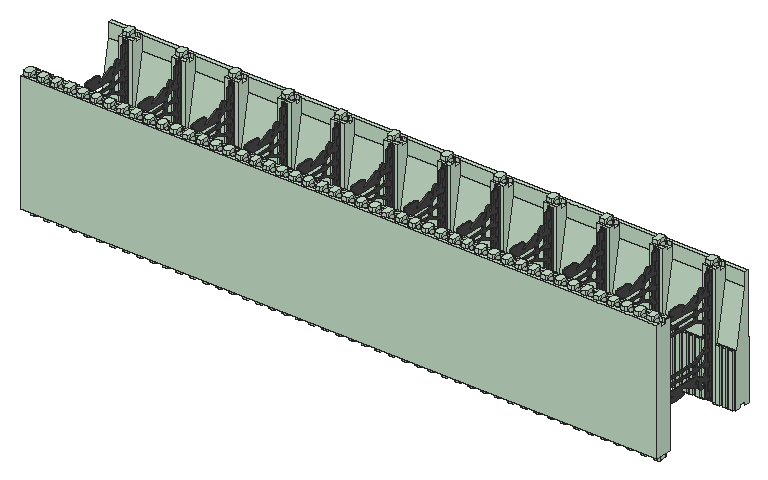
Revit family
Reference planes
  plane 1 "Center (Front/Back)": y = 0
  plane 2: z = 0
  plane 3 "Center (Left/Right)": x = 0
Forms (mm)
  Extrusion 1, solid, material "NUDURA Expanded Polystyrene Foam Insulation"
    sketch origin (0, -152.385, 0) x (1, 0, 0) y (0, 1, 0)
      loop
        line (7.142, -82.55) -> (0, -82.55) -> (0, -142.875) -> (2438.4, -142.875) -> (2438.4, -82.55) -> (2431.258, -82.55) -> (2432.842, -76.2) -> (2418.558, -76.2) -> (2420.142, -82.55) -> (2405.858, -82.55) -> (2407.442, -76.2) -> (2393.158, -76.2) -> (2394.742, -82.55) -> (2380.458, -82.55) -> (2382.042, -76.2) -> (2367.758, -76.2) -> (2369.342, -82.55) -> (2304.258, -82.55) -> (2305.842, -76.2) -> (2291.558, -76.2) -> (2293.142, -82.55) -> (2278.858, -82.55) -> (2280.442, -76.2) -> (2266.158, -76.2) -> (2267.742, -82.55) -> (2253.458, -82.55) -> (2255.042, -76.2) -> (2240.758, -76.2) -> (2242.342, -82.55) -> (2228.058, -82.55) -> (2229.642, -76.2) -> (2215.358, -76.2) -> (2216.942, -82.55) -> (2202.658, -82.55) -> (2204.242, -76.2) -> (2189.958, -76.2) -> (2191.542, -82.55) -> (2177.258, -82.55) -> (2178.842, -76.2) -> (2164.558, -76.2) -> (2166.142, -82.55) -> (2101.058, -82.55) -> (2102.642, -76.2) -> (2088.358, -76.2) -> (2089.942, -82.55) -> (2075.658, -82.55) -> (2077.242, -76.2) -> (2062.958, -76.2) -> (2064.542, -82.55) -> (2050.258, -82.55) -> (2051.842, -76.2) -> (2037.558, -76.2) -> (2039.142, -82.55) -> (2024.858, -82.55) -> (2026.442, -76.2) -> (2012.158, -76.2) -> (2013.742, -82.55) -> (1999.458, -82.55) -> (2001.042, -76.2) -> (1986.758, -76.2) -> (1988.342, -82.55) -> (1974.058, -82.55) -> (1975.642, -76.2) -> (1961.358, -76.2) -> (1962.942, -82.55) -> (1897.858, -82.55) -> (1899.442, -76.2) -> (1885.158, -76.2) -> (1886.742, -82.55) -> (1872.458, -82.55) -> (1874.042, -76.2) -> (1859.758, -76.2) -> (1861.342, -82.55) -> (1847.058, -82.55) -> (1848.642, -76.2) -> (1834.358, -76.2) -> (1835.942, -82.55) -> (1821.658, -82.55) -> (1823.242, -76.2) -> (1808.958, -76.2) -> (1810.542, -82.55) -> (1796.258, -82.55) -> (1797.842, -76.2) -> (1783.558, -76.2) -> (1785.142, -82.55) -> (1770.858, -82.55) -> (1772.442, -76.2) -> (1758.158, -76.2) -> (1759.742, -82.55) -> (1694.658, -82.55) -> (1696.242, -76.2) -> (1681.958, -76.2) -> (1683.542, -82.55) -> (1669.258, -82.55) -> (1670.842, -76.2) -> (1656.558, -76.2) -> (1658.142, -82.55) -> (1643.858, -82.55) -> (1645.442, -76.2) -> (1631.158, -76.2) -> (1632.742, -82.55) -> (1618.458, -82.55) -> (1620.042, -76.2) -> (1605.758, -76.2) -> (1607.342, -82.55) -> (1593.058, -82.55) -> (1594.642, -76.2) -> (1580.358, -76.2) -> (1581.942, -82.55) -> (1567.658, -82.55) -> (1569.242, -76.2) -> (1554.958, -76.2) -> (1556.542, -82.55) -> (1491.458, -82.55) -> (1493.042, -76.2) -> (1478.758, -76.2) -> (1480.342, -82.55) -> (1466.058, -82.55) -> (1467.642, -76.2) -> (1453.358, -76.2) -> (1454.942, -82.55) -> (1440.658, -82.55) -> (1442.242, -76.2) -> (1427.958, -76.2) -> (1429.542, -82.55) -> (1415.258, -82.55) -> (1416.842, -76.2) -> (1402.558, -76.2) -> (1404.142, -82.55) -> (1389.858, -82.55) -> (1391.442, -76.2) -> (1377.158, -76.2) -> (1378.742, -82.55) -> (1364.458, -82.55) -> (1366.042, -76.2) -> (1351.758, -76.2) -> (1353.342, -82.55) -> (1288.258, -82.55) -> (1289.842, -76.2) -> (1275.558, -76.2) -> (1277.142, -82.55) -> (1262.858, -82.55) -> (1264.442, -76.2) -> (1250.158, -76.2) -> (1251.742, -82.55) -> (1237.458, -82.55) -> (1239.042, -76.2) -> (1224.758, -76.2) -> (1226.342, -82.55) -> (1212.058, -82.55) -> (1213.642, -76.2) -> (1199.358, -76.2) -> (1200.942, -82.55) -> (1186.658, -82.55) -> (1188.242, -76.2) -> (1173.958, -76.2) -> (1175.542, -82.55) -> (1161.258, -82.55) -> (1162.842, -76.2) -> (1148.558, -76.2) -> (1150.142, -82.55) -> (1085.058, -82.55) -> (1086.642, -76.2) -> (1072.358, -76.2) -> (1073.942, -82.55) -> (1059.658, -82.55) -> (1061.242, -76.2) -> (1046.958, -76.2) -> (1048.542, -82.55) -> (1034.258, -82.55) -> (1035.842, -76.2) -> (1021.558, -76.2) -> (1023.142, -82.55) -> (1008.858, -82.55) -> (1010.442, -76.2) -> (996.158, -76.2) -> (997.742, -82.55) -> (983.458, -82.55) -> (985.042, -76.2) -> (970.758, -76.2) -> (972.342, -82.55) -> (958.058, -82.55) -> (959.642, -76.2) -> (945.358, -76.2) -> (946.942, -82.55) -> (881.858, -82.55) -> (883.442, -76.2) -> (869.158, -76.2) -> (870.742, -82.55) -> (856.458, -82.55) -> (858.042, -76.2) -> (843.758, -76.2) -> (845.342, -82.55) -> (831.058, -82.55) -> (832.642, -76.2) -> (818.358, -76.2) -> (819.942, -82.55) -> (805.658, -82.55) -> (807.242, -76.2) -> (792.958, -76.2) -> (794.542, -82.55) -> (780.258, -82.55) -> (781.842, -76.2) -> (767.558, -76.2) -> (769.142, -82.55) -> (754.858, -82.55) -> (756.442, -76.2) -> (742.158, -76.2) -> (743.742, -82.55) -> (678.658, -82.55) -> (680.242, -76.2) -> (665.958, -76.2) -> (667.542, -82.55) -> (653.258, -82.55) -> (654.842, -76.2) -> (640.558, -76.2) -> (642.142, -82.55) -> (627.858, -82.55) -> (629.442, -76.2) -> (615.158, -76.2) -> (616.742, -82.55) -> (602.458, -82.55) -> (604.042, -76.2) -> (589.758, -76.2) -> (591.342, -82.55) -> (577.058, -82.55) -> (578.642, -76.2) -> (564.358, -76.2) -> (565.942, -82.55) -> (551.658, -82.55) -> (553.242, -76.2) -> (538.958, -76.2) -> (540.542, -82.55) -> (475.458, -82.55) -> (477.042, -76.2) -> (462.758, -76.2) -> (464.342, -82.55) -> (450.058, -82.55) -> (451.642, -76.2) -> (437.358, -76.2) -> (438.942, -82.55) -> (424.658, -82.55) -> (426.242, -76.2) -> (411.958, -76.2) -> (413.542, -82.55) -> (399.258, -82.55) -> (400.842, -76.2) -> (386.558, -76.2) -> (388.142, -82.55) -> (373.858, -82.55) -> (375.442, -76.2) -> (361.158, -76.2) -> (362.742, -82.55) -> (348.458, -82.55) -> (350.042, -76.2) -> (335.758, -76.2) -> (337.342, -82.55) -> (272.258, -82.55) -> (273.842, -76.2) -> (259.558, -76.2) -> (261.142, -82.55) -> (246.858, -82.55) -> (248.442, -76.2) -> (234.158, -76.2) -> (235.742, -82.55) -> (221.458, -82.55) -> (223.042, -76.2) -> (208.758, -76.2) -> (210.342, -82.55) -> (196.058, -82.55) -> (197.642, -76.2) -> (183.358, -76.2) -> (184.942, -82.55) -> (170.658, -82.55) -> (172.242, -76.2) -> (157.958, -76.2) -> (159.542, -82.55) -> (145.258, -82.55) -> (146.842, -76.2) -> (132.558, -76.2) -> (134.142, -82.55) -> (69.058, -82.55) -> (70.642, -76.2) -> (56.358, -76.2) -> (57.942, -82.55) -> (43.658, -82.55) -> (45.242, -76.2) -> (30.958, -76.2) -> (32.542, -82.55) -> (18.258, -82.55) -> (19.842, -76.2) -> (5.558, -76.2) -> (7.142, -82.55)
    from 0 to 457.2
  Extrusion 2, void
    sketch origin (0, -152.385, 0) x (1, 0, 0) y (0, 1, 0)
      loop
        arc (25.4, -124.411) -> (26.615, -128.147) -> (29.796, -130.453) r 6.35
        arc (29.796, -130.453) -> (38.1, -131.763) -> (46.404, -130.453) r 26.987
        arc (46.404, -130.453) -> (49.585, -128.147) -> (50.8, -124.411) r 6.35
        line (50.8, -124.411) -> (50.8, -101.014)
        arc (50.8, -101.014) -> (50.362, -98.696) -> (49.108, -96.698) r 6.35
        arc (49.108, -96.698) -> (48.795, -96.199) -> (48.685, -95.62) r 1.588
        line (48.685, -95.62) -> (48.685, -86.829) -> (44.346, -86.829) -> (44.346, -92.457)
        arc (44.346, -92.457) -> (43.786, -93.668) -> (42.5, -94.024) r 1.587
        arc (42.5, -94.024) -> (36.091, -93.737) -> (29.796, -94.972) r 26.988
        arc (29.796, -94.972) -> (26.615, -97.278) -> (25.4, -101.014) r 6.35
        line (25.4, -101.014) -> (25.4, -124.411)
    from 457.2 to 444.5
  Extrusion 3, void
    sketch origin (50.8, -152.385, 0) x (1, 0, 0) y (0, 1, 0)
      loop
        arc (25.4, -124.411) -> (26.615, -128.147) -> (29.796, -130.453) r 6.35
        arc (29.796, -130.453) -> (38.1, -131.763) -> (46.404, -130.453) r 26.987
        arc (46.404, -130.453) -> (49.585, -128.147) -> (50.8, -124.411) r 6.35
        line (50.8, -124.411) -> (50.8, -101.014)
        arc (50.8, -101.014) -> (50.362, -98.696) -> (49.108, -96.698) r 6.35
        arc (49.108, -96.698) -> (48.795, -96.199) -> (48.685, -95.62) r 1.588
        line (48.685, -95.62) -> (48.685, -86.829) -> (44.346, -86.829) -> (44.346, -92.457)
        arc (44.346, -92.457) -> (43.786, -93.668) -> (42.5, -94.024) r 1.587
        arc (42.5, -94.024) -> (36.091, -93.737) -> (29.796, -94.972) r 26.988
        arc (29.796, -94.972) -> (26.615, -97.278) -> (25.4, -101.014) r 6.35
        line (25.4, -101.014) -> (25.4, -124.411)
    from 457.2 to 444.5
  Extrusion 4, void
    sketch origin (101.6, -152.385, 0) x (1, 0, 0) y (0, 1, 0)
      loop
        arc (25.4, -124.411) -> (26.615, -128.147) -> (29.796, -130.453) r 6.35
        arc (29.796, -130.453) -> (38.1, -131.763) -> (46.404, -130.453) r 26.987
        arc (46.404, -130.453) -> (49.585, -128.147) -> (50.8, -124.411) r 6.35
        line (50.8, -124.411) -> (50.8, -101.014)
        arc (50.8, -101.014) -> (50.362, -98.696) -> (49.108, -96.698) r 6.35
        arc (49.108, -96.698) -> (48.795, -96.199) -> (48.685, -95.62) r 1.588
        line (48.685, -95.62) -> (48.685, -86.829) -> (44.346, -86.829) -> (44.346, -92.457)
        arc (44.346, -92.457) -> (43.786, -93.668) -> (42.5, -94.024) r 1.587
        arc (42.5, -94.024) -> (36.091, -93.737) -> (29.796, -94.972) r 26.988
        arc (29.796, -94.972) -> (26.615, -97.278) -> (25.4, -101.014) r 6.35
        line (25.4, -101.014) -> (25.4, -124.411)
    from 457.2 to 444.5
  Extrusion 5, void
    sketch origin (152.4, -152.385, 0) x (1, 0, 0) y (0, 1, 0)
      loop
        arc (25.4, -124.411) -> (26.615, -128.147) -> (29.796, -130.453) r 6.35
        arc (29.796, -130.453) -> (38.1, -131.763) -> (46.404, -130.453) r 26.987
        arc (46.404, -130.453) -> (49.585, -128.147) -> (50.8, -124.411) r 6.35
        line (50.8, -124.411) -> (50.8, -101.014)
        arc (50.8, -101.014) -> (50.362, -98.696) -> (49.108, -96.698) r 6.35
        arc (49.108, -96.698) -> (48.795, -96.199) -> (48.685, -95.62) r 1.588
        line (48.685, -95.62) -> (48.685, -86.829) -> (44.346, -86.829) -> (44.346, -92.457)
        arc (44.346, -92.457) -> (43.786, -93.668) -> (42.5, -94.024) r 1.587
        arc (42.5, -94.024) -> (36.091, -93.737) -> (29.796, -94.972) r 26.988
        arc (29.796, -94.972) -> (26.615, -97.278) -> (25.4, -101.014) r 6.35
        line (25.4, -101.014) -> (25.4, -124.411)
    from 457.2 to 444.5
  Extrusion 6, void
    sketch origin (203.2, -152.385, 0) x (1, 0, 0) y (0, 1, 0)
      loop
        arc (25.4, -124.411) -> (26.615, -128.147) -> (29.796, -130.453) r 6.35
        arc (29.796, -130.453) -> (38.1, -131.763) -> (46.404, -130.453) r 26.987
        arc (46.404, -130.453) -> (49.585, -128.147) -> (50.8, -124.411) r 6.35
        line (50.8, -124.411) -> (50.8, -101.014)
        arc (50.8, -101.014) -> (50.362, -98.696) -> (49.108, -96.698) r 6.35
        arc (49.108, -96.698) -> (48.795, -96.199) -> (48.685, -95.62) r 1.588
        line (48.685, -95.62) -> (48.685, -86.829) -> (44.346, -86.829) -> (44.346, -92.457)
        arc (44.346, -92.457) -> (43.786, -93.668) -> (42.5, -94.024) r 1.587
        arc (42.5, -94.024) -> (36.091, -93.737) -> (29.796, -94.972) r 26.988
        arc (29.796, -94.972) -> (26.615, -97.278) -> (25.4, -101.014) r 6.35
        line (25.4, -101.014) -> (25.4, -124.411)
    from 457.2 to 444.5
  Extrusion 7, void
    sketch origin (254, -152.385, 0) x (1, 0, 0) y (0, 1, 0)
      loop
        arc (25.4, -124.411) -> (26.615, -128.147) -> (29.796, -130.453) r 6.35
        arc (29.796, -130.453) -> (38.1, -131.763) -> (46.404, -130.453) r 26.987
        arc (46.404, -130.453) -> (49.585, -128.147) -> (50.8, -124.411) r 6.35
        line (50.8, -124.411) -> (50.8, -101.014)
        arc (50.8, -101.014) -> (50.362, -98.696) -> (49.108, -96.698) r 6.35
        arc (49.108, -96.698) -> (48.795, -96.199) -> (48.685, -95.62) r 1.588
        line (48.685, -95.62) -> (48.685, -86.829) -> (44.346, -86.829) -> (44.346, -92.457)
        arc (44.346, -92.457) -> (43.786, -93.668) -> (42.5, -94.024) r 1.587
        arc (42.5, -94.024) -> (36.091, -93.737) -> (29.796, -94.972) r 26.988
        arc (29.796, -94.972) -> (26.615, -97.278) -> (25.4, -101.014) r 6.35
        line (25.4, -101.014) -> (25.4, -124.411)
    from 457.2 to 444.5
  Extrusion 8, void
    sketch origin (304.8, -152.385, 0) x (1, 0, 0) y (0, 1, 0)
      loop
        arc (25.4, -124.411) -> (26.615, -128.147) -> (29.796, -130.453) r 6.35
        arc (29.796, -130.453) -> (38.1, -131.763) -> (46.404, -130.453) r 26.987
        arc (46.404, -130.453) -> (49.585, -128.147) -> (50.8, -124.411) r 6.35
        line (50.8, -124.411) -> (50.8, -101.014)
        arc (50.8, -101.014) -> (50.362, -98.696) -> (49.108, -96.698) r 6.35
        arc (49.108, -96.698) -> (48.795, -96.199) -> (48.685, -95.62) r 1.588
        line (48.685, -95.62) -> (48.685, -86.829) -> (44.346, -86.829) -> (44.346, -92.457)
        arc (44.346, -92.457) -> (43.786, -93.668) -> (42.5, -94.024) r 1.587
        arc (42.5, -94.024) -> (36.091, -93.737) -> (29.796, -94.972) r 26.988
        arc (29.796, -94.972) -> (26.615, -97.278) -> (25.4, -101.014) r 6.35
        line (25.4, -101.014) -> (25.4, -124.411)
    from 457.2 to 444.5
  Extrusion 9, void
    sketch origin (355.6, -152.385, 0) x (1, 0, 0) y (0, 1, 0)
      loop
        arc (25.4, -124.411) -> (26.615, -128.147) -> (29.796, -130.453) r 6.35
        arc (29.796, -130.453) -> (38.1, -131.763) -> (46.404, -130.453) r 26.987
        arc (46.404, -130.453) -> (49.585, -128.147) -> (50.8, -124.411) r 6.35
        line (50.8, -124.411) -> (50.8, -101.014)
        arc (50.8, -101.014) -> (50.362, -98.696) -> (49.108, -96.698) r 6.35
        arc (49.108, -96.698) -> (48.795, -96.199) -> (48.685, -95.62) r 1.588
        line (48.685, -95.62) -> (48.685, -86.829) -> (44.346, -86.829) -> (44.346, -92.457)
        arc (44.346, -92.457) -> (43.786, -93.668) -> (42.5, -94.024) r 1.587
        arc (42.5, -94.024) -> (36.091, -93.737) -> (29.796, -94.972) r 26.988
        arc (29.796, -94.972) -> (26.615, -97.278) -> (25.4, -101.014) r 6.35
        line (25.4, -101.014) -> (25.4, -124.411)
    from 457.2 to 444.5
  Extrusion 10, void
    sketch origin (406.4, -152.385, 0) x (1, 0, 0) y (0, 1, 0)
      loop
        arc (25.4, -124.411) -> (26.615, -128.147) -> (29.796, -130.453) r 6.35
        arc (29.796, -130.453) -> (38.1, -131.763) -> (46.404, -130.453) r 26.987
        arc (46.404, -130.453) -> (49.585, -128.147) -> (50.8, -124.411) r 6.35
        line (50.8, -124.411) -> (50.8, -101.014)
        arc (50.8, -101.014) -> (50.362, -98.696) -> (49.108, -96.698) r 6.35
        arc (49.108, -96.698) -> (48.795, -96.199) -> (48.685, -95.62) r 1.588
        line (48.685, -95.62) -> (48.685, -86.829) -> (44.346, -86.829) -> (44.346, -92.457)
        arc (44.346, -92.457) -> (43.786, -93.668) -> (42.5, -94.024) r 1.587
        arc (42.5, -94.024) -> (36.091, -93.737) -> (29.796, -94.972) r 26.988
        arc (29.796, -94.972) -> (26.615, -97.278) -> (25.4, -101.014) r 6.35
        line (25.4, -101.014) -> (25.4, -124.411)
    from 457.2 to 444.5
  Extrusion 11, void
    sketch origin (457.2, -152.385, 0) x (1, 0, 0) y (0, 1, 0)
      loop
        arc (25.4, -124.411) -> (26.615, -128.147) -> (29.796, -130.453) r 6.35
        arc (29.796, -130.453) -> (38.1, -131.763) -> (46.404, -130.453) r 26.987
        arc (46.404, -130.453) -> (49.585, -128.147) -> (50.8, -124.411) r 6.35
        line (50.8, -124.411) -> (50.8, -101.014)
        arc (50.8, -101.014) -> (50.362, -98.696) -> (49.108, -96.698) r 6.35
        arc (49.108, -96.698) -> (48.795, -96.199) -> (48.685, -95.62) r 1.588
        line (48.685, -95.62) -> (48.685, -86.829) -> (44.346, -86.829) -> (44.346, -92.457)
        arc (44.346, -92.457) -> (43.786, -93.668) -> (42.5, -94.024) r 1.587
        arc (42.5, -94.024) -> (36.091, -93.737) -> (29.796, -94.972) r 26.988
        arc (29.796, -94.972) -> (26.615, -97.278) -> (25.4, -101.014) r 6.35
        line (25.4, -101.014) -> (25.4, -124.411)
    from 457.2 to 444.5
  Extrusion 12, void
    sketch origin (508, -152.385, 0) x (1, 0, 0) y (0, 1, 0)
      loop
        arc (25.4, -124.411) -> (26.615, -128.147) -> (29.796, -130.453) r 6.35
        arc (29.796, -130.453) -> (38.1, -131.763) -> (46.404, -130.453) r 26.987
        arc (46.404, -130.453) -> (49.585, -128.147) -> (50.8, -124.411) r 6.35
        line (50.8, -124.411) -> (50.8, -101.014)
        arc (50.8, -101.014) -> (50.362, -98.696) -> (49.108, -96.698) r 6.35
        arc (49.108, -96.698) -> (48.795, -96.199) -> (48.685, -95.62) r 1.588
        line (48.685, -95.62) -> (48.685, -86.829) -> (44.346, -86.829) -> (44.346, -92.457)
        arc (44.346, -92.457) -> (43.786, -93.668) -> (42.5, -94.024) r 1.587
        arc (42.5, -94.024) -> (36.091, -93.737) -> (29.796, -94.972) r 26.988
        arc (29.796, -94.972) -> (26.615, -97.278) -> (25.4, -101.014) r 6.35
        line (25.4, -101.014) -> (25.4, -124.411)
    from 457.2 to 444.5
  Extrusion 13, void
    sketch origin (558.8, -152.385, 0) x (1, 0, 0) y (0, 1, 0)
      loop
        arc (25.4, -124.411) -> (26.615, -128.147) -> (29.796, -130.453) r 6.35
        arc (29.796, -130.453) -> (38.1, -131.763) -> (46.404, -130.453) r 26.987
        arc (46.404, -130.453) -> (49.585, -128.147) -> (50.8, -124.411) r 6.35
        line (50.8, -124.411) -> (50.8, -101.014)
        arc (50.8, -101.014) -> (50.362, -98.696) -> (49.108, -96.698) r 6.35
        arc (49.108, -96.698) -> (48.795, -96.199) -> (48.685, -95.62) r 1.588
        line (48.685, -95.62) -> (48.685, -86.829) -> (44.346, -86.829) -> (44.346, -92.457)
        arc (44.346, -92.457) -> (43.786, -93.668) -> (42.5, -94.024) r 1.587
        arc (42.5, -94.024) -> (36.091, -93.737) -> (29.796, -94.972) r 26.988
        arc (29.796, -94.972) -> (26.615, -97.278) -> (25.4, -101.014) r 6.35
        line (25.4, -101.014) -> (25.4, -124.411)
    from 457.2 to 444.5
  Extrusion 14, void
    sketch origin (609.6, -152.385, 0) x (1, 0, 0) y (0, 1, 0)
      loop
        arc (25.4, -124.411) -> (26.615, -128.147) -> (29.796, -130.453) r 6.35
        arc (29.796, -130.453) -> (38.1, -131.763) -> (46.404, -130.453) r 26.987
        arc (46.404, -130.453) -> (49.585, -128.147) -> (50.8, -124.411) r 6.35
        line (50.8, -124.411) -> (50.8, -101.014)
        arc (50.8, -101.014) -> (50.362, -98.696) -> (49.108, -96.698) r 6.35
        arc (49.108, -96.698) -> (48.795, -96.199) -> (48.685, -95.62) r 1.588
        line (48.685, -95.62) -> (48.685, -86.829) -> (44.346, -86.829) -> (44.346, -92.457)
        arc (44.346, -92.457) -> (43.786, -93.668) -> (42.5, -94.024) r 1.587
        arc (42.5, -94.024) -> (36.091, -93.737) -> (29.796, -94.972) r 26.988
        arc (29.796, -94.972) -> (26.615, -97.278) -> (25.4, -101.014) r 6.35
        line (25.4, -101.014) -> (25.4, -124.411)
    from 457.2 to 444.5
  Extrusion 15, void
    sketch origin (660.4, -152.385, 0) x (1, 0, 0) y (0, 1, 0)
      loop
        arc (25.4, -124.411) -> (26.615, -128.147) -> (29.796, -130.453) r 6.35
        arc (29.796, -130.453) -> (38.1, -131.763) -> (46.404, -130.453) r 26.987
        arc (46.404, -130.453) -> (49.585, -128.147) -> (50.8, -124.411) r 6.35
        line (50.8, -124.411) -> (50.8, -101.014)
        arc (50.8, -101.014) -> (50.362, -98.696) -> (49.108, -96.698) r 6.35
        arc (49.108, -96.698) -> (48.795, -96.199) -> (48.685, -95.62) r 1.588
        line (48.685, -95.62) -> (48.685, -86.829) -> (44.346, -86.829) -> (44.346, -92.457)
        arc (44.346, -92.457) -> (43.786, -93.668) -> (42.5, -94.024) r 1.587
        arc (42.5, -94.024) -> (36.091, -93.737) -> (29.796, -94.972) r 26.988
        arc (29.796, -94.972) -> (26.615, -97.278) -> (25.4, -101.014) r 6.35
        line (25.4, -101.014) -> (25.4, -124.411)
    from 457.2 to 444.5
  Extrusion 16, void
    sketch origin (711.2, -152.385, 0) x (1, 0, 0) y (0, 1, 0)
      loop
        arc (25.4, -124.411) -> (26.615, -128.147) -> (29.796, -130.453) r 6.35
        arc (29.796, -130.453) -> (38.1, -131.763) -> (46.404, -130.453) r 26.987
        arc (46.404, -130.453) -> (49.585, -128.147) -> (50.8, -124.411) r 6.35
        line (50.8, -124.411) -> (50.8, -101.014)
        arc (50.8, -101.014) -> (50.362, -98.696) -> (49.108, -96.698) r 6.35
        arc (49.108, -96.698) -> (48.795, -96.199) -> (48.685, -95.62) r 1.588
        line (48.685, -95.62) -> (48.685, -86.829) -> (44.346, -86.829) -> (44.346, -92.457)
        arc (44.346, -92.457) -> (43.786, -93.668) -> (42.5, -94.024) r 1.587
        arc (42.5, -94.024) -> (36.091, -93.737) -> (29.796, -94.972) r 26.988
        arc (29.796, -94.972) -> (26.615, -97.278) -> (25.4, -101.014) r 6.35
        line (25.4, -101.014) -> (25.4, -124.411)
    from 457.2 to 444.5
  Extrusion 17, void
    sketch origin (762, -152.385, 0) x (1, 0, 0) y (0, 1, 0)
      loop
        arc (25.4, -124.411) -> (26.615, -128.147) -> (29.796, -130.453) r 6.35
        arc (29.796, -130.453) -> (38.1, -131.763) -> (46.404, -130.453) r 26.987
        arc (46.404, -130.453) -> (49.585, -128.147) -> (50.8, -124.411) r 6.35
        line (50.8, -124.411) -> (50.8, -101.014)
        arc (50.8, -101.014) -> (50.362, -98.696) -> (49.108, -96.698) r 6.35
        arc (49.108, -96.698) -> (48.795, -96.199) -> (48.685, -95.62) r 1.588
        line (48.685, -95.62) -> (48.685, -86.829) -> (44.346, -86.829) -> (44.346, -92.457)
        arc (44.346, -92.457) -> (43.786, -93.668) -> (42.5, -94.024) r 1.587
        arc (42.5, -94.024) -> (36.091, -93.737) -> (29.796, -94.972) r 26.988
        arc (29.796, -94.972) -> (26.615, -97.278) -> (25.4, -101.014) r 6.35
        line (25.4, -101.014) -> (25.4, -124.411)
    from 457.2 to 444.5
  Extrusion 18, void
    sketch origin (812.8, -152.385, 0) x (1, 0, 0) y (0, 1, 0)
      loop
        arc (25.4, -124.411) -> (26.615, -128.147) -> (29.796, -130.453) r 6.35
        arc (29.796, -130.453) -> (38.1, -131.763) -> (46.404, -130.453) r 26.987
        arc (46.404, -130.453) -> (49.585, -128.147) -> (50.8, -124.411) r 6.35
        line (50.8, -124.411) -> (50.8, -101.014)
        arc (50.8, -101.014) -> (50.362, -98.696) -> (49.108, -96.698) r 6.35
        arc (49.108, -96.698) -> (48.795, -96.199) -> (48.685, -95.62) r 1.588
        line (48.685, -95.62) -> (48.685, -86.829) -> (44.346, -86.829) -> (44.346, -92.457)
        arc (44.346, -92.457) -> (43.786, -93.668) -> (42.5, -94.024) r 1.587
        arc (42.5, -94.024) -> (36.091, -93.737) -> (29.796, -94.972) r 26.988
        arc (29.796, -94.972) -> (26.615, -97.278) -> (25.4, -101.014) r 6.35
        line (25.4, -101.014) -> (25.4, -124.411)
    from 457.2 to 444.5
  Extrusion 19, void
    sketch origin (863.6, -152.385, 0) x (1, 0, 0) y (0, 1, 0)
      loop
        arc (25.4, -124.411) -> (26.615, -128.147) -> (29.796, -130.453) r 6.35
        arc (29.796, -130.453) -> (38.1, -131.763) -> (46.404, -130.453) r 26.987
        arc (46.404, -130.453) -> (49.585, -128.147) -> (50.8, -124.411) r 6.35
        line (50.8, -124.411) -> (50.8, -101.014)
        arc (50.8, -101.014) -> (50.362, -98.696) -> (49.108, -96.698) r 6.35
        arc (49.108, -96.698) -> (48.795, -96.199) -> (48.685, -95.62) r 1.588
        line (48.685, -95.62) -> (48.685, -86.829) -> (44.346, -86.829) -> (44.346, -92.457)
        arc (44.346, -92.457) -> (43.786, -93.668) -> (42.5, -94.024) r 1.587
        arc (42.5, -94.024) -> (36.091, -93.737) -> (29.796, -94.972) r 26.988
        arc (29.796, -94.972) -> (26.615, -97.278) -> (25.4, -101.014) r 6.35
        line (25.4, -101.014) -> (25.4, -124.411)
    from 457.2 to 444.5
  Extrusion 20, void
    sketch origin (914.4, -152.385, 0) x (1, 0, 0) y (0, 1, 0)
      loop
        arc (25.4, -124.411) -> (26.615, -128.147) -> (29.796, -130.453) r 6.35
        arc (29.796, -130.453) -> (38.1, -131.763) -> (46.404, -130.453) r 26.987
        arc (46.404, -130.453) -> (49.585, -128.147) -> (50.8, -124.411) r 6.35
        line (50.8, -124.411) -> (50.8, -101.014)
        arc (50.8, -101.014) -> (50.362, -98.696) -> (49.108, -96.698) r 6.35
        arc (49.108, -96.698) -> (48.795, -96.199) -> (48.685, -95.62) r 1.588
        line (48.685, -95.62) -> (48.685, -86.829) -> (44.346, -86.829) -> (44.346, -92.457)
        arc (44.346, -92.457) -> (43.786, -93.668) -> (42.5, -94.024) r 1.587
        arc (42.5, -94.024) -> (36.091, -93.737) -> (29.796, -94.972) r 26.988
        arc (29.796, -94.972) -> (26.615, -97.278) -> (25.4, -101.014) r 6.35
        line (25.4, -101.014) -> (25.4, -124.411)
    from 457.2 to 444.5
  Extrusion 21, void
    sketch origin (965.2, -152.385, 0) x (1, 0, 0) y (0, 1, 0)
      loop
        arc (25.4, -124.411) -> (26.615, -128.147) -> (29.796, -130.453) r 6.35
        arc (29.796, -130.453) -> (38.1, -131.763) -> (46.404, -130.453) r 26.987
        arc (46.404, -130.453) -> (49.585, -128.147) -> (50.8, -124.411) r 6.35
        line (50.8, -124.411) -> (50.8, -101.014)
        arc (50.8, -101.014) -> (50.362, -98.696) -> (49.108, -96.698) r 6.35
        arc (49.108, -96.698) -> (48.795, -96.199) -> (48.685, -95.62) r 1.588
        line (48.685, -95.62) -> (48.685, -86.829) -> (44.346, -86.829) -> (44.346, -92.457)
        arc (44.346, -92.457) -> (43.786, -93.668) -> (42.5, -94.024) r 1.587
        arc (42.5, -94.024) -> (36.091, -93.737) -> (29.796, -94.972) r 26.988
        arc (29.796, -94.972) -> (26.615, -97.278) -> (25.4, -101.014) r 6.35
        line (25.4, -101.014) -> (25.4, -124.411)
    from 457.2 to 444.5
  Extrusion 22, void
    sketch origin (1016, -152.385, 0) x (1, 0, 0) y (0, 1, 0)
      loop
        arc (25.4, -124.411) -> (26.615, -128.147) -> (29.796, -130.453) r 6.35
        arc (29.796, -130.453) -> (38.1, -131.763) -> (46.404, -130.453) r 26.987
        arc (46.404, -130.453) -> (49.585, -128.147) -> (50.8, -124.411) r 6.35
        line (50.8, -124.411) -> (50.8, -101.014)
        arc (50.8, -101.014) -> (50.362, -98.696) -> (49.108, -96.698) r 6.35
        arc (49.108, -96.698) -> (48.795, -96.199) -> (48.685, -95.62) r 1.588
        line (48.685, -95.62) -> (48.685, -86.829) -> (44.346, -86.829) -> (44.346, -92.457)
        arc (44.346, -92.457) -> (43.786, -93.668) -> (42.5, -94.024) r 1.587
        arc (42.5, -94.024) -> (36.091, -93.737) -> (29.796, -94.972) r 26.988
        arc (29.796, -94.972) -> (26.615, -97.278) -> (25.4, -101.014) r 6.35
        line (25.4, -101.014) -> (25.4, -124.411)
    from 457.2 to 444.5
  Extrusion 23, void
    sketch origin (1066.8, -152.385, 0) x (1, 0, 0) y (0, 1, 0)
      loop
        arc (25.4, -124.411) -> (26.615, -128.147) -> (29.796, -130.453) r 6.35
        arc (29.796, -130.453) -> (38.1, -131.763) -> (46.404, -130.453) r 26.987
        arc (46.404, -130.453) -> (49.585, -128.147) -> (50.8, -124.411) r 6.35
        line (50.8, -124.411) -> (50.8, -101.014)
        arc (50.8, -101.014) -> (50.362, -98.696) -> (49.108, -96.698) r 6.35
        arc (49.108, -96.698) -> (48.795, -96.199) -> (48.685, -95.62) r 1.588
        line (48.685, -95.62) -> (48.685, -86.829) -> (44.346, -86.829) -> (44.346, -92.457)
        arc (44.346, -92.457) -> (43.786, -93.668) -> (42.5, -94.024) r 1.587
        arc (42.5, -94.024) -> (36.091, -93.737) -> (29.796, -94.972) r 26.988
        arc (29.796, -94.972) -> (26.615, -97.278) -> (25.4, -101.014) r 6.35
        line (25.4, -101.014) -> (25.4, -124.411)
    from 457.2 to 444.5
  Extrusion 24, void
    sketch origin (1117.6, -152.385, 0) x (1, 0, 0) y (0, 1, 0)
      loop
        arc (25.4, -124.411) -> (26.615, -128.147) -> (29.796, -130.453) r 6.35
        arc (29.796, -130.453) -> (38.1, -131.763) -> (46.404, -130.453) r 26.987
        arc (46.404, -130.453) -> (49.585, -128.147) -> (50.8, -124.411) r 6.35
        line (50.8, -124.411) -> (50.8, -101.014)
        arc (50.8, -101.014) -> (50.362, -98.696) -> (49.108, -96.698) r 6.35
        arc (49.108, -96.698) -> (48.795, -96.199) -> (48.685, -95.62) r 1.588
        line (48.685, -95.62) -> (48.685, -86.829) -> (44.346, -86.829) -> (44.346, -92.457)
        arc (44.346, -92.457) -> (43.786, -93.668) -> (42.5, -94.024) r 1.587
        arc (42.5, -94.024) -> (36.091, -93.737) -> (29.796, -94.972) r 26.988
        arc (29.796, -94.972) -> (26.615, -97.278) -> (25.4, -101.014) r 6.35
        line (25.4, -101.014) -> (25.4, -124.411)
    from 457.2 to 444.5
  Extrusion 25, void
    sketch origin (1168.4, -152.385, 0) x (1, 0, 0) y (0, 1, 0)
      loop
        arc (25.4, -124.411) -> (26.615, -128.147) -> (29.796, -130.453) r 6.35
        arc (29.796, -130.453) -> (38.1, -131.763) -> (46.404, -130.453) r 26.987
        arc (46.404, -130.453) -> (49.585, -128.147) -> (50.8, -124.411) r 6.35
        line (50.8, -124.411) -> (50.8, -101.014)
        arc (50.8, -101.014) -> (50.362, -98.696) -> (49.108, -96.698) r 6.35
        arc (49.108, -96.698) -> (48.795, -96.199) -> (48.685, -95.62) r 1.588
        line (48.685, -95.62) -> (48.685, -86.829) -> (44.346, -86.829) -> (44.346, -92.457)
        arc (44.346, -92.457) -> (43.786, -93.668) -> (42.5, -94.024) r 1.587
        arc (42.5, -94.024) -> (36.091, -93.737) -> (29.796, -94.972) r 26.988
        arc (29.796, -94.972) -> (26.615, -97.278) -> (25.4, -101.014) r 6.35
        line (25.4, -101.014) -> (25.4, -124.411)
    from 457.2 to 444.5
  Extrusion 26, void
    sketch origin (1219.2, -152.385, 0) x (1, 0, 0) y (0, 1, 0)
      loop
        arc (25.4, -124.411) -> (26.615, -128.147) -> (29.796, -130.453) r 6.35
        arc (29.796, -130.453) -> (38.1, -131.763) -> (46.404, -130.453) r 26.987
        arc (46.404, -130.453) -> (49.585, -128.147) -> (50.8, -124.411) r 6.35
        line (50.8, -124.411) -> (50.8, -101.014)
        arc (50.8, -101.014) -> (50.362, -98.696) -> (49.108, -96.698) r 6.35
        arc (49.108, -96.698) -> (48.795, -96.199) -> (48.685, -95.62) r 1.588
        line (48.685, -95.62) -> (48.685, -86.829) -> (44.346, -86.829) -> (44.346, -92.457)
        arc (44.346, -92.457) -> (43.786, -93.668) -> (42.5, -94.024) r 1.587
        arc (42.5, -94.024) -> (36.091, -93.737) -> (29.796, -94.972) r 26.988
        arc (29.796, -94.972) -> (26.615, -97.278) -> (25.4, -101.014) r 6.35
        line (25.4, -101.014) -> (25.4, -124.411)
    from 457.2 to 444.5
  Extrusion 27, void
    sketch origin (1270, -152.385, 0) x (1, 0, 0) y (0, 1, 0)
      loop
        arc (25.4, -124.411) -> (26.615, -128.147) -> (29.796, -130.453) r 6.35
        arc (29.796, -130.453) -> (38.1, -131.763) -> (46.404, -130.453) r 26.987
        arc (46.404, -130.453) -> (49.585, -128.147) -> (50.8, -124.411) r 6.35
        line (50.8, -124.411) -> (50.8, -101.014)
        arc (50.8, -101.014) -> (50.362, -98.696) -> (49.108, -96.698) r 6.35
        arc (49.108, -96.698) -> (48.795, -96.199) -> (48.685, -95.62) r 1.588
        line (48.685, -95.62) -> (48.685, -86.829) -> (44.346, -86.829) -> (44.346, -92.457)
        arc (44.346, -92.457) -> (43.786, -93.668) -> (42.5, -94.024) r 1.587
        arc (42.5, -94.024) -> (36.091, -93.737) -> (29.796, -94.972) r 26.988
        arc (29.796, -94.972) -> (26.615, -97.278) -> (25.4, -101.014) r 6.35
        line (25.4, -101.014) -> (25.4, -124.411)
    from 457.2 to 444.5
  Extrusion 28, void
    sketch origin (1320.8, -152.385, 0) x (1, 0, 0) y (0, 1, 0)
      loop
        arc (25.4, -124.411) -> (26.615, -128.147) -> (29.796, -130.453) r 6.35
        arc (29.796, -130.453) -> (38.1, -131.763) -> (46.404, -130.453) r 26.987
        arc (46.404, -130.453) -> (49.585, -128.147) -> (50.8, -124.411) r 6.35
        line (50.8, -124.411) -> (50.8, -101.014)
        arc (50.8, -101.014) -> (50.362, -98.696) -> (49.108, -96.698) r 6.35
        arc (49.108, -96.698) -> (48.795, -96.199) -> (48.685, -95.62) r 1.588
        line (48.685, -95.62) -> (48.685, -86.829) -> (44.346, -86.829) -> (44.346, -92.457)
        arc (44.346, -92.457) -> (43.786, -93.668) -> (42.5, -94.024) r 1.587
        arc (42.5, -94.024) -> (36.091, -93.737) -> (29.796, -94.972) r 26.988
        arc (29.796, -94.972) -> (26.615, -97.278) -> (25.4, -101.014) r 6.35
        line (25.4, -101.014) -> (25.4, -124.411)
    from 457.2 to 444.5
  Extrusion 29, void
    sketch origin (1371.6, -152.385, 0) x (1, 0, 0) y (0, 1, 0)
      loop
        arc (25.4, -124.411) -> (26.615, -128.147) -> (29.796, -130.453) r 6.35
        arc (29.796, -130.453) -> (38.1, -131.763) -> (46.404, -130.453) r 26.987
        arc (46.404, -130.453) -> (49.585, -128.147) -> (50.8, -124.411) r 6.35
        line (50.8, -124.411) -> (50.8, -101.014)
        arc (50.8, -101.014) -> (50.362, -98.696) -> (49.108, -96.698) r 6.35
        arc (49.108, -96.698) -> (48.795, -96.199) -> (48.685, -95.62) r 1.588
        line (48.685, -95.62) -> (48.685, -86.829) -> (44.346, -86.829) -> (44.346, -92.457)
        arc (44.346, -92.457) -> (43.786, -93.668) -> (42.5, -94.024) r 1.587
        arc (42.5, -94.024) -> (36.091, -93.737) -> (29.796, -94.972) r 26.988
        arc (29.796, -94.972) -> (26.615, -97.278) -> (25.4, -101.014) r 6.35
        line (25.4, -101.014) -> (25.4, -124.411)
    from 457.2 to 444.5
  Extrusion 30, void
    sketch origin (1422.4, -152.385, 0) x (1, 0, 0) y (0, 1, 0)
      loop
        arc (25.4, -124.411) -> (26.615, -128.147) -> (29.796, -130.453) r 6.35
        arc (29.796, -130.453) -> (38.1, -131.763) -> (46.404, -130.453) r 26.987
        arc (46.404, -130.453) -> (49.585, -128.147) -> (50.8, -124.411) r 6.35
        line (50.8, -124.411) -> (50.8, -101.014)
        arc (50.8, -101.014) -> (50.362, -98.696) -> (49.108, -96.698) r 6.35
        arc (49.108, -96.698) -> (48.795, -96.199) -> (48.685, -95.62) r 1.588
        line (48.685, -95.62) -> (48.685, -86.829) -> (44.346, -86.829) -> (44.346, -92.457)
        arc (44.346, -92.457) -> (43.786, -93.668) -> (42.5, -94.024) r 1.587
        arc (42.5, -94.024) -> (36.091, -93.737) -> (29.796, -94.972) r 26.988
        arc (29.796, -94.972) -> (26.615, -97.278) -> (25.4, -101.014) r 6.35
        line (25.4, -101.014) -> (25.4, -124.411)
    from 457.2 to 444.5
  Extrusion 31, void
    sketch origin (1473.2, -152.385, 0) x (1, 0, 0) y (0, 1, 0)
      loop
        arc (25.4, -124.411) -> (26.615, -128.147) -> (29.796, -130.453) r 6.35
        arc (29.796, -130.453) -> (38.1, -131.763) -> (46.404, -130.453) r 26.987
        arc (46.404, -130.453) -> (49.585, -128.147) -> (50.8, -124.411) r 6.35
        line (50.8, -124.411) -> (50.8, -101.014)
        arc (50.8, -101.014) -> (50.362, -98.696) -> (49.108, -96.698) r 6.35
        arc (49.108, -96.698) -> (48.795, -96.199) -> (48.685, -95.62) r 1.588
        line (48.685, -95.62) -> (48.685, -86.829) -> (44.346, -86.829) -> (44.346, -92.457)
        arc (44.346, -92.457) -> (43.786, -93.668) -> (42.5, -94.024) r 1.587
        arc (42.5, -94.024) -> (36.091, -93.737) -> (29.796, -94.972) r 26.988
        arc (29.796, -94.972) -> (26.615, -97.278) -> (25.4, -101.014) r 6.35
        line (25.4, -101.014) -> (25.4, -124.411)
    from 457.2 to 444.5
  Extrusion 32, void
    sketch origin (1524, -152.385, 0) x (1, 0, 0) y (0, 1, 0)
      loop
        arc (25.4, -124.411) -> (26.615, -128.147) -> (29.796, -130.453) r 6.35
        arc (29.796, -130.453) -> (38.1, -131.763) -> (46.404, -130.453) r 26.987
        arc (46.404, -130.453) -> (49.585, -128.147) -> (50.8, -124.411) r 6.35
        line (50.8, -124.411) -> (50.8, -101.014)
        arc (50.8, -101.014) -> (50.362, -98.696) -> (49.108, -96.698) r 6.35
        arc (49.108, -96.698) -> (48.795, -96.199) -> (48.685, -95.62) r 1.588
        line (48.685, -95.62) -> (48.685, -86.829) -> (44.346, -86.829) -> (44.346, -92.457)
        arc (44.346, -92.457) -> (43.786, -93.668) -> (42.5, -94.024) r 1.587
        arc (42.5, -94.024) -> (36.091, -93.737) -> (29.796, -94.972) r 26.988
        arc (29.796, -94.972) -> (26.615, -97.278) -> (25.4, -101.014) r 6.35
        line (25.4, -101.014) -> (25.4, -124.411)
    from 457.2 to 444.5
  Extrusion 33, void
    sketch origin (1574.8, -152.385, 0) x (1, 0, 0) y (0, 1, 0)
      loop
        arc (25.4, -124.411) -> (26.615, -128.147) -> (29.796, -130.453) r 6.35
        arc (29.796, -130.453) -> (38.1, -131.763) -> (46.404, -130.453) r 26.987
        arc (46.404, -130.453) -> (49.585, -128.147) -> (50.8, -124.411) r 6.35
        line (50.8, -124.411) -> (50.8, -101.014)
        arc (50.8, -101.014) -> (50.362, -98.696) -> (49.108, -96.698) r 6.35
        arc (49.108, -96.698) -> (48.795, -96.199) -> (48.685, -95.62) r 1.588
        line (48.685, -95.62) -> (48.685, -86.829) -> (44.346, -86.829) -> (44.346, -92.457)
        arc (44.346, -92.457) -> (43.786, -93.668) -> (42.5, -94.024) r 1.587
        arc (42.5, -94.024) -> (36.091, -93.737) -> (29.796, -94.972) r 26.988
        arc (29.796, -94.972) -> (26.615, -97.278) -> (25.4, -101.014) r 6.35
        line (25.4, -101.014) -> (25.4, -124.411)
    from 457.2 to 444.5
  Extrusion 34, void
    sketch origin (1625.6, -152.385, 0) x (1, 0, 0) y (0, 1, 0)
      loop
        arc (25.4, -124.411) -> (26.615, -128.147) -> (29.796, -130.453) r 6.35
        arc (29.796, -130.453) -> (38.1, -131.763) -> (46.404, -130.453) r 26.987
        arc (46.404, -130.453) -> (49.585, -128.147) -> (50.8, -124.411) r 6.35
        line (50.8, -124.411) -> (50.8, -101.014)
        arc (50.8, -101.014) -> (50.362, -98.696) -> (49.108, -96.698) r 6.35
        arc (49.108, -96.698) -> (48.795, -96.199) -> (48.685, -95.62) r 1.588
        line (48.685, -95.62) -> (48.685, -86.829) -> (44.346, -86.829) -> (44.346, -92.457)
        arc (44.346, -92.457) -> (43.786, -93.668) -> (42.5, -94.024) r 1.587
        arc (42.5, -94.024) -> (36.091, -93.737) -> (29.796, -94.972) r 26.988
        arc (29.796, -94.972) -> (26.615, -97.278) -> (25.4, -101.014) r 6.35
        line (25.4, -101.014) -> (25.4, -124.411)
    from 457.2 to 444.5
  Extrusion 35, void
    sketch origin (1676.4, -152.385, 0) x (1, 0, 0) y (0, 1, 0)
      loop
        arc (25.4, -124.411) -> (26.615, -128.147) -> (29.796, -130.453) r 6.35
        arc (29.796, -130.453) -> (38.1, -131.763) -> (46.404, -130.453) r 26.987
        arc (46.404, -130.453) -> (49.585, -128.147) -> (50.8, -124.411) r 6.35
        line (50.8, -124.411) -> (50.8, -101.014)
        arc (50.8, -101.014) -> (50.362, -98.696) -> (49.108, -96.698) r 6.35
        arc (49.108, -96.698) -> (48.795, -96.199) -> (48.685, -95.62) r 1.588
        line (48.685, -95.62) -> (48.685, -86.829) -> (44.346, -86.829) -> (44.346, -92.457)
        arc (44.346, -92.457) -> (43.786, -93.668) -> (42.5, -94.024) r 1.587
        arc (42.5, -94.024) -> (36.091, -93.737) -> (29.796, -94.972) r 26.988
        arc (29.796, -94.972) -> (26.615, -97.278) -> (25.4, -101.014) r 6.35
        line (25.4, -101.014) -> (25.4, -124.411)
    from 457.2 to 444.5
  Extrusion 36, void
    sketch origin (1727.2, -152.385, 0) x (1, 0, 0) y (0, 1, 0)
      loop
        arc (25.4, -124.411) -> (26.615, -128.147) -> (29.796, -130.453) r 6.35
        arc (29.796, -130.453) -> (38.1, -131.763) -> (46.404, -130.453) r 26.987
        arc (46.404, -130.453) -> (49.585, -128.147) -> (50.8, -124.411) r 6.35
        line (50.8, -124.411) -> (50.8, -101.014)
        arc (50.8, -101.014) -> (50.362, -98.696) -> (49.108, -96.698) r 6.35
        arc (49.108, -96.698) -> (48.795, -96.199) -> (48.685, -95.62) r 1.588
        line (48.685, -95.62) -> (48.685, -86.829) -> (44.346, -86.829) -> (44.346, -92.457)
        arc (44.346, -92.457) -> (43.786, -93.668) -> (42.5, -94.024) r 1.587
        arc (42.5, -94.024) -> (36.091, -93.737) -> (29.796, -94.972) r 26.988
        arc (29.796, -94.972) -> (26.615, -97.278) -> (25.4, -101.014) r 6.35
        line (25.4, -101.014) -> (25.4, -124.411)
    from 457.2 to 444.5
  Extrusion 37, void
    sketch origin (1778, -152.385, 0) x (1, 0, 0) y (0, 1, 0)
      loop
        arc (25.4, -124.411) -> (26.615, -128.147) -> (29.796, -130.453) r 6.35
        arc (29.796, -130.453) -> (38.1, -131.763) -> (46.404, -130.453) r 26.987
        arc (46.404, -130.453) -> (49.585, -128.147) -> (50.8, -124.411) r 6.35
        line (50.8, -124.411) -> (50.8, -101.014)
        arc (50.8, -101.014) -> (50.362, -98.696) -> (49.108, -96.698) r 6.35
        arc (49.108, -96.698) -> (48.795, -96.199) -> (48.685, -95.62) r 1.588
        line (48.685, -95.62) -> (48.685, -86.829) -> (44.346, -86.829) -> (44.346, -92.457)
        arc (44.346, -92.457) -> (43.786, -93.668) -> (42.5, -94.024) r 1.587
        arc (42.5, -94.024) -> (36.091, -93.737) -> (29.796, -94.972) r 26.988
        arc (29.796, -94.972) -> (26.615, -97.278) -> (25.4, -101.014) r 6.35
        line (25.4, -101.014) -> (25.4, -124.411)
    from 457.2 to 444.5
  Extrusion 38, void
    sketch origin (1828.8, -152.385, 0) x (1, 0, 0) y (0, 1, 0)
      loop
        arc (25.4, -124.411) -> (26.615, -128.147) -> (29.796, -130.453) r 6.35
        arc (29.796, -130.453) -> (38.1, -131.763) -> (46.404, -130.453) r 26.987
        arc (46.404, -130.453) -> (49.585, -128.147) -> (50.8, -124.411) r 6.35
        line (50.8, -124.411) -> (50.8, -101.014)
        arc (50.8, -101.014) -> (50.362, -98.696) -> (49.108, -96.698) r 6.35
        arc (49.108, -96.698) -> (48.795, -96.199) -> (48.685, -95.62) r 1.588
        line (48.685, -95.62) -> (48.685, -86.829) -> (44.346, -86.829) -> (44.346, -92.457)
        arc (44.346, -92.457) -> (43.786, -93.668) -> (42.5, -94.024) r 1.587
        arc (42.5, -94.024) -> (36.091, -93.737) -> (29.796, -94.972) r 26.988
        arc (29.796, -94.972) -> (26.615, -97.278) -> (25.4, -101.014) r 6.35
        line (25.4, -101.014) -> (25.4, -124.411)
    from 457.2 to 444.5
  Extrusion 39, void
    sketch origin (1879.6, -152.385, 0) x (1, 0, 0) y (0, 1, 0)
      loop
        arc (25.4, -124.411) -> (26.615, -128.147) -> (29.796, -130.453) r 6.35
        arc (29.796, -130.453) -> (38.1, -131.763) -> (46.404, -130.453) r 26.987
        arc (46.404, -130.453) -> (49.585, -128.147) -> (50.8, -124.411) r 6.35
        line (50.8, -124.411) -> (50.8, -101.014)
        arc (50.8, -101.014) -> (50.362, -98.696) -> (49.108, -96.698) r 6.35
        arc (49.108, -96.698) -> (48.795, -96.199) -> (48.685, -95.62) r 1.588
        line (48.685, -95.62) -> (48.685, -86.829) -> (44.346, -86.829) -> (44.346, -92.457)
        arc (44.346, -92.457) -> (43.786, -93.668) -> (42.5, -94.024) r 1.587
        arc (42.5, -94.024) -> (36.091, -93.737) -> (29.796, -94.972) r 26.988
        arc (29.796, -94.972) -> (26.615, -97.278) -> (25.4, -101.014) r 6.35
        line (25.4, -101.014) -> (25.4, -124.411)
    from 457.2 to 444.5
  Extrusion 40, void
    sketch origin (1930.4, -152.385, 0) x (1, 0, 0) y (0, 1, 0)
      loop
        arc (25.4, -124.411) -> (26.615, -128.147) -> (29.796, -130.453) r 6.35
        arc (29.796, -130.453) -> (38.1, -131.763) -> (46.404, -130.453) r 26.987
        arc (46.404, -130.453) -> (49.585, -128.147) -> (50.8, -124.411) r 6.35
        line (50.8, -124.411) -> (50.8, -101.014)
        arc (50.8, -101.014) -> (50.362, -98.696) -> (49.108, -96.698) r 6.35
        arc (49.108, -96.698) -> (48.795, -96.199) -> (48.685, -95.62) r 1.588
        line (48.685, -95.62) -> (48.685, -86.829) -> (44.346, -86.829) -> (44.346, -92.457)
        arc (44.346, -92.457) -> (43.786, -93.668) -> (42.5, -94.024) r 1.587
        arc (42.5, -94.024) -> (36.091, -93.737) -> (29.796, -94.972) r 26.988
        arc (29.796, -94.972) -> (26.615, -97.278) -> (25.4, -101.014) r 6.35
        line (25.4, -101.014) -> (25.4, -124.411)
    from 457.2 to 444.5
  Extrusion 41, void
    sketch origin (1981.2, -152.385, 0) x (1, 0, 0) y (0, 1, 0)
      loop
        arc (25.4, -124.411) -> (26.615, -128.147) -> (29.796, -130.453) r 6.35
        arc (29.796, -130.453) -> (38.1, -131.763) -> (46.404, -130.453) r 26.987
        arc (46.404, -130.453) -> (49.585, -128.147) -> (50.8, -124.411) r 6.35
        line (50.8, -124.411) -> (50.8, -101.014)
        arc (50.8, -101.014) -> (50.362, -98.696) -> (49.108, -96.698) r 6.35
        arc (49.108, -96.698) -> (48.795, -96.199) -> (48.685, -95.62) r 1.588
        line (48.685, -95.62) -> (48.685, -86.829) -> (44.346, -86.829) -> (44.346, -92.457)
        arc (44.346, -92.457) -> (43.786, -93.668) -> (42.5, -94.024) r 1.587
        arc (42.5, -94.024) -> (36.091, -93.737) -> (29.796, -94.972) r 26.988
        arc (29.796, -94.972) -> (26.615, -97.278) -> (25.4, -101.014) r 6.35
        line (25.4, -101.014) -> (25.4, -124.411)
    from 457.2 to 444.5
  Extrusion 42, void
    sketch origin (2032, -152.385, 0) x (1, 0, 0) y (0, 1, 0)
      loop
        arc (25.4, -124.411) -> (26.615, -128.147) -> (29.796, -130.453) r 6.35
        arc (29.796, -130.453) -> (38.1, -131.763) -> (46.404, -130.453) r 26.987
        arc (46.404, -130.453) -> (49.585, -128.147) -> (50.8, -124.411) r 6.35
        line (50.8, -124.411) -> (50.8, -101.014)
        arc (50.8, -101.014) -> (50.362, -98.696) -> (49.108, -96.698) r 6.35
        arc (49.108, -96.698) -> (48.795, -96.199) -> (48.685, -95.62) r 1.588
        line (48.685, -95.62) -> (48.685, -86.829) -> (44.346, -86.829) -> (44.346, -92.457)
        arc (44.346, -92.457) -> (43.786, -93.668) -> (42.5, -94.024) r 1.587
        arc (42.5, -94.024) -> (36.091, -93.737) -> (29.796, -94.972) r 26.988
        arc (29.796, -94.972) -> (26.615, -97.278) -> (25.4, -101.014) r 6.35
        line (25.4, -101.014) -> (25.4, -124.411)
    from 457.2 to 444.5
  Extrusion 43, void
    sketch origin (2082.8, -152.385, 0) x (1, 0, 0) y (0, 1, 0)
      loop
        arc (25.4, -124.411) -> (26.615, -128.147) -> (29.796, -130.453) r 6.35
        arc (29.796, -130.453) -> (38.1, -131.763) -> (46.404, -130.453) r 26.987
        arc (46.404, -130.453) -> (49.585, -128.147) -> (50.8, -124.411) r 6.35
        line (50.8, -124.411) -> (50.8, -101.014)
        arc (50.8, -101.014) -> (50.362, -98.696) -> (49.108, -96.698) r 6.35
        arc (49.108, -96.698) -> (48.795, -96.199) -> (48.685, -95.62) r 1.588
        line (48.685, -95.62) -> (48.685, -86.829) -> (44.346, -86.829) -> (44.346, -92.457)
        arc (44.346, -92.457) -> (43.786, -93.668) -> (42.5, -94.024) r 1.587
        arc (42.5, -94.024) -> (36.091, -93.737) -> (29.796, -94.972) r 26.988
        arc (29.796, -94.972) -> (26.615, -97.278) -> (25.4, -101.014) r 6.35
        line (25.4, -101.014) -> (25.4, -124.411)
    from 457.2 to 444.5
  Extrusion 44, void
    sketch origin (2133.6, -152.385, 0) x (1, 0, 0) y (0, 1, 0)
      loop
        arc (25.4, -124.411) -> (26.615, -128.147) -> (29.796, -130.453) r 6.35
        arc (29.796, -130.453) -> (38.1, -131.763) -> (46.404, -130.453) r 26.987
        arc (46.404, -130.453) -> (49.585, -128.147) -> (50.8, -124.411) r 6.35
        line (50.8, -124.411) -> (50.8, -101.014)
        arc (50.8, -101.014) -> (50.362, -98.696) -> (49.108, -96.698) r 6.35
        arc (49.108, -96.698) -> (48.795, -96.199) -> (48.685, -95.62) r 1.588
        line (48.685, -95.62) -> (48.685, -86.829) -> (44.346, -86.829) -> (44.346, -92.457)
        arc (44.346, -92.457) -> (43.786, -93.668) -> (42.5, -94.024) r 1.587
        arc (42.5, -94.024) -> (36.091, -93.737) -> (29.796, -94.972) r 26.988
        arc (29.796, -94.972) -> (26.615, -97.278) -> (25.4, -101.014) r 6.35
        line (25.4, -101.014) -> (25.4, -124.411)
    from 457.2 to 444.5
  Extrusion 45, void
    sketch origin (2184.4, -152.385, 0) x (1, 0, 0) y (0, 1, 0)
      loop
        arc (25.4, -124.411) -> (26.615, -128.147) -> (29.796, -130.453) r 6.35
        arc (29.796, -130.453) -> (38.1, -131.763) -> (46.404, -130.453) r 26.987
        arc (46.404, -130.453) -> (49.585, -128.147) -> (50.8, -124.411) r 6.35
        line (50.8, -124.411) -> (50.8, -101.014)
        arc (50.8, -101.014) -> (50.362, -98.696) -> (49.108, -96.698) r 6.35
        arc (49.108, -96.698) -> (48.795, -96.199) -> (48.685, -95.62) r 1.588
        line (48.685, -95.62) -> (48.685, -86.829) -> (44.346, -86.829) -> (44.346, -92.457)
        arc (44.346, -92.457) -> (43.786, -93.668) -> (42.5, -94.024) r 1.587
        arc (42.5, -94.024) -> (36.091, -93.737) -> (29.796, -94.972) r 26.988
        arc (29.796, -94.972) -> (26.615, -97.278) -> (25.4, -101.014) r 6.35
        line (25.4, -101.014) -> (25.4, -124.411)
    from 457.2 to 444.5
  Extrusion 46, void
    sketch origin (2235.2, -152.385, 0) x (1, 0, 0) y (0, 1, 0)
      loop
        arc (25.4, -124.411) -> (26.615, -128.147) -> (29.796, -130.453) r 6.35
        arc (29.796, -130.453) -> (38.1, -131.763) -> (46.404, -130.453) r 26.987
        arc (46.404, -130.453) -> (49.585, -128.147) -> (50.8, -124.411) r 6.35
        line (50.8, -124.411) -> (50.8, -101.014)
        arc (50.8, -101.014) -> (50.362, -98.696) -> (49.108, -96.698) r 6.35
        arc (49.108, -96.698) -> (48.795, -96.199) -> (48.685, -95.62) r 1.588
        line (48.685, -95.62) -> (48.685, -86.829) -> (44.346, -86.829) -> (44.346, -92.457)
        arc (44.346, -92.457) -> (43.786, -93.668) -> (42.5, -94.024) r 1.587
        arc (42.5, -94.024) -> (36.091, -93.737) -> (29.796, -94.972) r 26.988
        arc (29.796, -94.972) -> (26.615, -97.278) -> (25.4, -101.014) r 6.35
        line (25.4, -101.014) -> (25.4, -124.411)
    from 457.2 to 444.5
  Extrusion 47, void
    sketch origin (2286, -152.385, 0) x (1, 0, 0) y (0, 1, 0)
      loop
        arc (25.4, -124.411) -> (26.615, -128.147) -> (29.796, -130.453) r 6.35
        arc (29.796, -130.453) -> (38.1, -131.763) -> (46.404, -130.453) r 26.987
        arc (46.404, -130.453) -> (49.585, -128.147) -> (50.8, -124.411) r 6.35
        line (50.8, -124.411) -> (50.8, -101.014)
        arc (50.8, -101.014) -> (50.362, -98.696) -> (49.108, -96.698) r 6.35
        arc (49.108, -96.698) -> (48.795, -96.199) -> (48.685, -95.62) r 1.588
        line (48.685, -95.62) -> (48.685, -86.829) -> (44.346, -86.829) -> (44.346, -92.457)
        arc (44.346, -92.457) -> (43.786, -93.668) -> (42.5, -94.024) r 1.587
        arc (42.5, -94.024) -> (36.091, -93.737) -> (29.796, -94.972) r 26.988
        arc (29.796, -94.972) -> (26.615, -97.278) -> (25.4, -101.014) r 6.35
        line (25.4, -101.014) -> (25.4, -124.411)
    from 457.2 to 444.5
  Extrusion 48, void
    sketch origin (2336.8, -152.385, 0) x (1, 0, 0) y (0, 1, 0)
      loop
        arc (25.4, -124.411) -> (26.615, -128.147) -> (29.796, -130.453) r 6.35
        arc (29.796, -130.453) -> (38.1, -131.763) -> (46.404, -130.453) r 26.987
        arc (46.404, -130.453) -> (49.585, -128.147) -> (50.8, -124.411) r 6.35
        line (50.8, -124.411) -> (50.8, -101.014)
        arc (50.8, -101.014) -> (50.362, -98.696) -> (49.108, -96.698) r 6.35
        arc (49.108, -96.698) -> (48.795, -96.199) -> (48.685, -95.62) r 1.588
        line (48.685, -95.62) -> (48.685, -86.829) -> (44.346, -86.829) -> (44.346, -92.457)
        arc (44.346, -92.457) -> (43.786, -93.668) -> (42.5, -94.024) r 1.587
        arc (42.5, -94.024) -> (36.091, -93.737) -> (29.796, -94.972) r 26.988
        arc (29.796, -94.972) -> (26.615, -97.278) -> (25.4, -101.014) r 6.35
        line (25.4, -101.014) -> (25.4, -124.411)
    from 457.2 to 444.5
  Extrusion 49, void
    sketch origin (2387.6, -152.385, 0) x (1, 0, 0) y (0, 1, 0)
      loop
        arc (25.4, -124.411) -> (26.615, -128.147) -> (29.796, -130.453) r 6.35
        arc (29.796, -130.453) -> (38.1, -131.763) -> (46.404, -130.453) r 26.987
        arc (46.404, -130.453) -> (49.585, -128.147) -> (50.8, -124.411) r 6.35
        line (50.8, -124.411) -> (50.8, -101.014)
        arc (50.8, -101.014) -> (50.362, -98.696) -> (49.108, -96.698) r 6.35
        arc (49.108, -96.698) -> (48.795, -96.199) -> (48.685, -95.62) r 1.588
        line (48.685, -95.62) -> (48.685, -86.829) -> (44.346, -86.829) -> (44.346, -92.457)
        arc (44.346, -92.457) -> (43.786, -93.668) -> (42.5, -94.024) r 1.587
        arc (42.5, -94.024) -> (36.091, -93.737) -> (29.796, -94.972) r 26.988
        arc (29.796, -94.972) -> (26.615, -97.278) -> (25.4, -101.014) r 6.35
        line (25.4, -101.014) -> (25.4, -124.411)
    from 457.2 to 444.5
  Extrusion 50, void
    sketch origin (2387.6, 0.015, 0) x (-1, 0, 0) y (0, -1, 0)
      loop
        arc (25.4, -124.411) -> (26.615, -128.147) -> (29.796, -130.453) r 6.35
        arc (29.796, -130.453) -> (38.1, -131.763) -> (46.404, -130.453) r 26.987
        arc (46.404, -130.453) -> (49.585, -128.147) -> (50.8, -124.411) r 6.35
        line (50.8, -124.411) -> (50.8, -101.014)
        arc (50.8, -101.014) -> (50.362, -98.696) -> (49.108, -96.698) r 6.35
        arc (49.108, -96.698) -> (48.795, -96.199) -> (48.685, -95.62) r 1.588
        line (48.685, -95.62) -> (48.685, -86.829) -> (44.346, -86.829) -> (44.346, -92.457)
        arc (44.346, -92.457) -> (43.786, -93.668) -> (42.5, -94.024) r 1.587
        arc (42.5, -94.024) -> (36.091, -93.737) -> (29.796, -94.972) r 26.988
        arc (29.796, -94.972) -> (26.615, -97.278) -> (25.4, -101.014) r 6.35
        line (25.4, -101.014) -> (25.4, -124.411)
    from 457.2 to 444.5
  Extrusion 51, void
    sketch origin (2184.4, 0.015, 0) x (-1, 0, 0) y (0, -1, 0)
      loop
        arc (25.4, -124.411) -> (26.615, -128.147) -> (29.796, -130.453) r 6.35
        arc (29.796, -130.453) -> (38.1, -131.763) -> (46.404, -130.453) r 26.987
        arc (46.404, -130.453) -> (49.585, -128.147) -> (50.8, -124.411) r 6.35
        line (50.8, -124.411) -> (50.8, -101.014)
        arc (50.8, -101.014) -> (50.362, -98.696) -> (49.108, -96.698) r 6.35
        arc (49.108, -96.698) -> (48.795, -96.199) -> (48.685, -95.62) r 1.588
        line (48.685, -95.62) -> (48.685, -86.829) -> (44.346, -86.829) -> (44.346, -92.457)
        arc (44.346, -92.457) -> (43.786, -93.668) -> (42.5, -94.024) r 1.587
        arc (42.5, -94.024) -> (36.091, -93.737) -> (29.796, -94.972) r 26.988
        arc (29.796, -94.972) -> (26.615, -97.278) -> (25.4, -101.014) r 6.35
        line (25.4, -101.014) -> (25.4, -124.411)
    from 457.2 to 444.5
  Extrusion 52, void
    sketch origin (1981.2, 0.015, 0) x (-1, 0, 0) y (0, -1, 0)
      loop
        arc (25.4, -124.411) -> (26.615, -128.147) -> (29.796, -130.453) r 6.35
        arc (29.796, -130.453) -> (38.1, -131.763) -> (46.404, -130.453) r 26.987
        arc (46.404, -130.453) -> (49.585, -128.147) -> (50.8, -124.411) r 6.35
        line (50.8, -124.411) -> (50.8, -101.014)
        arc (50.8, -101.014) -> (50.362, -98.696) -> (49.108, -96.698) r 6.35
        arc (49.108, -96.698) -> (48.795, -96.199) -> (48.685, -95.62) r 1.588
        line (48.685, -95.62) -> (48.685, -86.829) -> (44.346, -86.829) -> (44.346, -92.457)
        arc (44.346, -92.457) -> (43.786, -93.668) -> (42.5, -94.024) r 1.587
        arc (42.5, -94.024) -> (36.091, -93.737) -> (29.796, -94.972) r 26.988
        arc (29.796, -94.972) -> (26.615, -97.278) -> (25.4, -101.014) r 6.35
        line (25.4, -101.014) -> (25.4, -124.411)
    from 457.2 to 444.5
  Extrusion 53, void
    sketch origin (1778, 0.015, 0) x (-1, 0, 0) y (0, -1, 0)
      loop
        arc (25.4, -124.411) -> (26.615, -128.147) -> (29.796, -130.453) r 6.35
        arc (29.796, -130.453) -> (38.1, -131.763) -> (46.404, -130.453) r 26.987
        arc (46.404, -130.453) -> (49.585, -128.147) -> (50.8, -124.411) r 6.35
        line (50.8, -124.411) -> (50.8, -101.014)
        arc (50.8, -101.014) -> (50.362, -98.696) -> (49.108, -96.698) r 6.35
        arc (49.108, -96.698) -> (48.795, -96.199) -> (48.685, -95.62) r 1.588
        line (48.685, -95.62) -> (48.685, -86.829) -> (44.346, -86.829) -> (44.346, -92.457)
        arc (44.346, -92.457) -> (43.786, -93.668) -> (42.5, -94.024) r 1.587
        arc (42.5, -94.024) -> (36.091, -93.737) -> (29.796, -94.972) r 26.988
        arc (29.796, -94.972) -> (26.615, -97.278) -> (25.4, -101.014) r 6.35
        line (25.4, -101.014) -> (25.4, -124.411)
    from 457.2 to 444.5
  Extrusion 54, void
    sketch origin (1574.8, 0.015, 0) x (-1, 0, 0) y (0, -1, 0)
      loop
        arc (25.4, -124.411) -> (26.615, -128.147) -> (29.796, -130.453) r 6.35
        arc (29.796, -130.453) -> (38.1, -131.763) -> (46.404, -130.453) r 26.987
        arc (46.404, -130.453) -> (49.585, -128.147) -> (50.8, -124.411) r 6.35
        line (50.8, -124.411) -> (50.8, -101.014)
